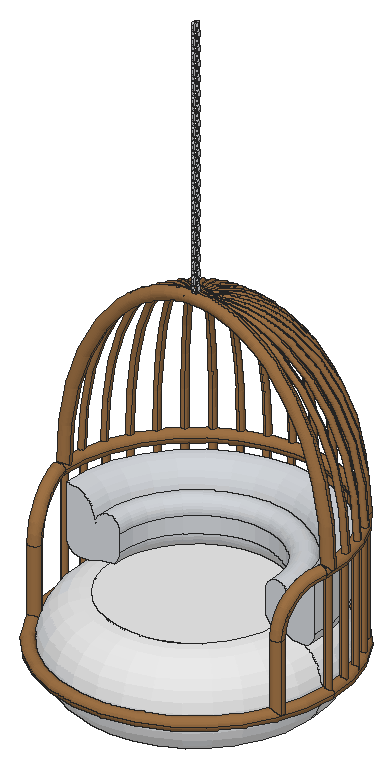
Revit family "BALANÇO PRA SER FELIZ", category Modelos genéricos, Revit 2021 (continued)
Forms (mm)
  Extrusion 79, solid
    sketch origin (1291.188, -841.25, 1381.531) x (-1, 0, 0) y (0, 0, -1)
      loop
        arc (1281.221, -741.286) -> (1282.978, -745.529) -> (1287.221, -747.286) r 6
        line (1287.221, -747.286) -> (1295.182, -747.286)
        arc (1295.182, -747.286) -> (1299.452, -745.517) -> (1301.221, -741.247) r 6.039
        line (1301.221, -741.247) -> (1301.221, -725.833)
      loop
        line (1299.221, -741.247) -> (1299.221, -725.833)
        arc (1299.221, -725.833) -> (1298.035, -722.971) -> (1295.173, -721.786) r 4.048
        line (1295.173, -721.786) -> (1287.173, -721.786)
        arc (1287.173, -721.786) -> (1284.378, -722.943) -> (1283.221, -725.738) r 3.952
        line (1283.221, -725.738) -> (1283.221, -741.286)
        arc (1283.221, -741.286) -> (1284.392, -744.114) -> (1287.221, -745.286) r 4
        line (1287.221, -745.286) -> (1295.182, -745.286)
        arc (1295.182, -745.286) -> (1298.038, -744.103) -> (1299.221, -741.247) r 4.039
    from -842.686 to -833.074
  Extrusion 80, solid
    sketch origin (1291.188, -341.25, 1391.531) x (0, -1, 0) y (0, 0, -1)
      loop
        line (-327.449, -754.41) -> (-327.449, -738.922)
        arc (-327.449, -738.922) -> (-329.21, -734.671) -> (-333.46, -732.911) r 6.011
        line (-333.46, -732.911) -> (-341.701, -732.911)
        arc (-341.701, -732.911) -> (-345.933, -734.664) -> (-347.686, -738.896) r 5.986
        line (-347.686, -738.896) -> (-347.686, -754.372)
        arc (-347.686, -754.372) -> (-345.917, -758.642) -> (-341.647, -760.411) r 6.039
        line (-341.647, -760.411) -> (-333.45, -760.411)
        arc (-333.45, -760.411) -> (-329.207, -758.653) -> (-327.449, -754.41) r 6.001
      loop
        line (-341.647, -758.411) -> (-333.45, -758.411)
        arc (-333.45, -758.411) -> (-330.621, -757.239) -> (-329.449, -754.41) r 4.001
        line (-329.449, -754.41) -> (-329.449, -738.922)
        arc (-329.449, -738.922) -> (-330.624, -736.086) -> (-333.46, -734.911) r 4.011
        line (-333.46, -734.911) -> (-341.701, -734.911)
        arc (-341.701, -734.911) -> (-344.519, -736.078) -> (-345.686, -738.896) r 3.986
        line (-345.686, -738.896) -> (-345.686, -754.372)
        arc (-345.686, -754.372) -> (-344.503, -757.228) -> (-341.647, -758.411) r 4.039
    from -1294.981 to -1287.263
  Extrusion 81, solid
    sketch origin (1291.188, -841.25, 1427.106) x (-1, 0, 0) y (0, 0, -1)
      loop
        arc (1301.221, -725.833) -> (1299.45, -721.557) -> (1295.173, -719.786) r 6.048
        line (1295.173, -719.786) -> (1287.173, -719.786)
        arc (1287.173, -719.786) -> (1282.964, -721.529) -> (1281.221, -725.738) r 5.952
        line (1281.221, -725.738) -> (1281.221, -741.286)
        arc (1281.221, -741.286) -> (1282.978, -745.529) -> (1287.221, -747.286) r 6
        line (1287.221, -747.286) -> (1295.182, -747.286)
        arc (1295.182, -747.286) -> (1299.452, -745.517) -> (1301.221, -741.247) r 6.039
        line (1301.221, -741.247) -> (1301.221, -725.833)
      loop
        line (1299.221, -741.247) -> (1299.221, -725.833)
        arc (1299.221, -725.833) -> (1298.035, -722.971) -> (1295.173, -721.786) r 4.048
        line (1295.173, -721.786) -> (1287.173, -721.786)
        arc (1287.173, -721.786) -> (1284.378, -722.943) -> (1283.221, -725.738) r 3.952
        line (1283.221, -725.738) -> (1283.221, -741.286)
        arc (1283.221, -741.286) -> (1284.392, -744.114) -> (1287.221, -745.286) r 4
        line (1287.221, -745.286) -> (1295.182, -745.286)
        arc (1295.182, -745.286) -> (1298.038, -744.103) -> (1299.221, -741.247) r 4.039
    from -842.686 to -833.074
  Extrusion 82, solid
    sketch origin (1291.188, -341.25, 1437.106) x (0, -1, 0) y (0, 0, -1)
      loop
        line (-327.449, -754.41) -> (-327.449, -738.922)
        arc (-327.449, -738.922) -> (-329.21, -734.671) -> (-333.46, -732.911) r 6.011
        line (-333.46, -732.911) -> (-341.701, -732.911)
        arc (-341.701, -732.911) -> (-345.933, -734.664) -> (-347.686, -738.896) r 5.986
        line (-347.686, -738.896) -> (-347.686, -754.372)
        arc (-347.686, -754.372) -> (-345.917, -758.642) -> (-341.647, -760.411) r 6.039
        line (-341.647, -760.411) -> (-333.45, -760.411)
        arc (-333.45, -760.411) -> (-329.207, -758.653) -> (-327.449, -754.41) r 6.001
      loop
        line (-341.647, -758.411) -> (-333.45, -758.411)
        arc (-333.45, -758.411) -> (-330.621, -757.239) -> (-329.449, -754.41) r 4.001
        line (-329.449, -754.41) -> (-329.449, -738.922)
        arc (-329.449, -738.922) -> (-330.624, -736.086) -> (-333.46, -734.911) r 4.011
        line (-333.46, -734.911) -> (-341.701, -734.911)
        arc (-341.701, -734.911) -> (-344.519, -736.078) -> (-345.686, -738.896) r 3.986
        line (-345.686, -738.896) -> (-345.686, -754.372)
        arc (-345.686, -754.372) -> (-344.503, -757.228) -> (-341.647, -758.411) r 4.039
    from -1294.981 to -1287.263
Cuts and joins
  Revolve 3 cuts Extrusion 2
Lines and regions (mm)
  sketch lines
    curve 1: arc (329.453, -18.991, 649.103) -> (0, 330, 649.103) -> (-329.453, -18.991, 649.103) r 330
Dimensions and locks
  plane 4 to level = 300 mm
  plane 6 to level = 700 mm  (x2)
  aligned and locked: level to plane 2
